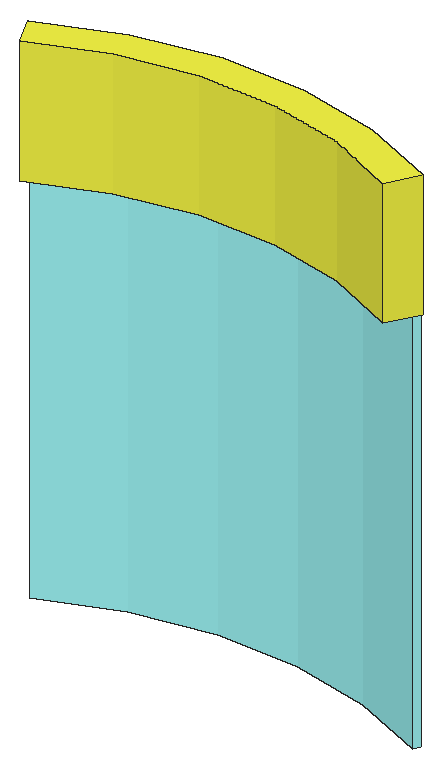
Revit family "EXP_WT-2_CPan-019", category Curtain Panels, Revit 2021
Family settings
  OmniClass Number = 23.25.20.14.11.11.17
  OmniClass Title = Infill Panels
  Always vertical = Yes
  Cut with Voids When Loaded = Yes
  Shared = No
Parameters (values of type "R = 10'  6" _ H2 = 9' 11 1/2"")
  UI-UnitNumber [instance] = "001"
  UI-Quadrant [instance] = "SE"
  UI-ProjectAbbreviation = "NEU"
  UI-ItemCategory = "PID"
  UI-FloorNumber [instance] = "03"
  PNT-WallType = "WT2"
  PNT-ProjectAbbreviation = "NEU"
  PNT-PanelType [instance] = "01"
  PNT-ItemCategory = "PNL"
  GlassSPH2(x2) [instance] = 0' - 2 3/16"
  GlassH2 [instance] = IG-1C(Glass)
  GlassH1 [instance] = IG-3C(Glass)
  Description = "Curve"
  Define Thermal Properties by = Schematic Type
  CellSp = 0' - 10 3/16"
  CellRayIN [instance] = CellRayEX - CellSp  # 9' - 7 13/16"
  CellRayEX = 10' - 6"
  CellLArch [instance] = 10' - 5.07198"
  CellH2 = 9' - 11 1/2"
  CellH1 [instance] = CellH - CellH2  # 3' - 1.98031"
  CellH [instance] = 13' - 1.48031"
  Analytic Construction = "<None>"
Types (5): name | CellRayIN | CellRayEX | CellLArch | CellH2 | CellH1
  R = 10'  6" _ H2 = 9' 11 1/2" | 9' - 7 13/16" | 10' - 6" | 10' - 5.07198" | 9' - 11 1/2" | 3' - 1.98031"
  R = 10'  6" _ H2 = 12' 1" | 9' - 7 13/16" | 10' - 6" | 10' - 5.07198" | 12' - 1" | 1' - 0.48031"
  R = 10'  6" _ H2 = 8' 2" | 9' - 7 13/16" | 10' - 6" | 10' - 5.07198" | 8' - 2" | 4' - 11.48031"
  R = 10'  6" _ H2 = 12' 8 3/4" | 9' - 7 13/16" | 10' - 6" | 10' - 5.07198" | 12' - 8 3/4" | 0' - 4.73031"
  R = 12'  5" _ H2 = 7'  10 3/4" | 11' - 6 13/16" | 12' - 5" | 10' - 3.50545" | 7' - 10 3/4" | 5' - 2.73031"
Reference planes (in)
  plane 1 "Center (Front/Back)": y = 0
  plane 2: z = 0
  plane 3 "Center (Left/Right)": x = 0
  plane 4 "Left": x = -60
  plane 5 "Right": x = 60
  plane 6 "Top": z = 157.48031
  plane 7: z = 119.5
Forms (in)
  Extrusion 1, solid, material "IG-1C(Glass)" <- "GlassH2", detail levels coarse+medium
    sketch origin (0, 0, 0) x (1, 0, 0) y (0, 1, 0)
      loop
        line (-60, 0) -> (-55.14881, -8.9583)
        arc (-55.14881, -8.9583) -> (0, 5.01539) -> (55.14881, -8.9583) r 115.8125
        line (55.14881, -8.9583) -> (60, 0)
        arc (60, 0) -> (0, 15.20289) -> (-60, 0) r 126
    from 0 to 119.5
  Extrusion 2, solid, material "IG-3C(Glass)" <- "GlassH1"
    sketch origin (0, 0, 0) x (1, 0, 0) y (0, 1, 0)
      loop
        arc (60, 0) -> (0, 15.20289) -> (-60, 0) r 126
        line (-60, 0) -> (-55.14881, -8.9583)
        arc (-55.14881, -8.9583) -> (0, 5.01539) -> (55.14881, -8.9583) r 115.8125
        line (55.14881, -8.9583) -> (60, 0)
    from 119.5 to 157.48031
Lines and regions (in)
  reference lines
    curve 1: line (60, 0, 0) -> (0, -110.79711, 0)
    curve 2: line (-60, 0, 0) -> (0, -110.79711, 0)
    curve 3: line (60, 0, 0) -> (36.45856, 12.74841, 0)
    curve 4: line (-60, 0, 0) -> (-34.38137, 13.87327, 0)
  model lines
    curve 5: arc (-60, 0, 0) -> (0, 15.20289, 0) -> (60, 0, 0) r 126
    curve 6: line (-60, 0, 0) -> (-55.14881, -8.9583, 0)
    curve 7: line (60, 0, 0) -> (55.14881, -8.9583, 0)
    curve 8: arc (55.14881, -8.9583, 0) -> (0, 5.01539, 0) -> (-55.14881, -8.9583, 0) r 115.8125
Text (in)
  text "Exterior" at (-92.59733, 55.75508, 0), in view "Ref. Level"
  text "Exterior" at (0, 90.18664, 173.49264), in view "Left"
  text "Exterior" at (0, 52.29083, 162.21847), in view "Right"
Dimensions and locks (in)
  equal spacing: plane 4 "Left", plane 3 "Center (Left/Right)", plane 5 "Right"
  "CellRayEX": curve 2 to curve 2
  "CellRayEX": curve 2 to curve 1
  "CellSp": curve 6 to curve 6
  "CellSp": curve 7 to curve 7
  "CellH": plane 2 to plane 6 "Top"
  "CellH2": plane 2 to plane 7
  "CellH1": plane 7 to plane 6 "Top"
  "CellRayEX": radius of curve 5
  locked: curve 2 to curve 4 (angle 90.00°)
  locked: curve 3 to curve 1 (angle 90.00°)
  "CellLArch": arc length of Extrusion 1  (x2)
  aligned and locked: level to plane 2
  aligned and locked: curve 6 to curve 2
  aligned and locked: curve 7 to curve 1
  aligned and locked: Extrusion 1 sketch curve to curve 5
  aligned and locked: Extrusion 1 sketch curve to curve 8
  aligned and locked: Extrusion 1 sketch curve to curve 7
  aligned and locked: Extrusion 1 sketch curve to curve 6
  aligned and locked: Extrusion 1 to level
  aligned and locked: plane 7 to Extrusion 1
  aligned and locked: Extrusion 2 sketch curve to Extrusion 1  (x4)
  aligned and locked: Extrusion 2 to plane 6 "Top"
  aligned and locked: Extrusion 2 to plane 7
  aligned and locked: plane 4 "Left" to nested 1
  aligned and locked: plane 5 "Right" to nested 1
  aligned and locked: plane 1 "Center (Front/Back)" to nested 1
  aligned and locked: plane 7 to nested 1
  aligned and locked: plane 2 to nested 1
Automatic sketch dimensions
  curve 5 to curve 8 = 0' - 0"
  plane 1 "Center (Front/Back)" to curve 5 = 0' - 0"
  curve 8 to plane 3 "Center (Left/Right)" = 0' - 0"
  plane 1 "Center (Front/Back)" to curve 4 = 0' - 0"
  curve 4 to plane 4 "Left" = 0' - 0"
  curve 2 to plane 3 "Center (Left/Right)" = 0' - 0"
  plane 1 "Center (Front/Back)" to curve 3 = 0' - 0"
Nested families (in)
  nested 1: "EXP_WT-1x_IG-010" at (0, 0, 59.75), GlassRayEX <- "CellRayEX", MaterialGlass <- "GlassH2", GlassSP <- "GlassSPH2(x2)", type "GlassSP = H2(x2)", detail levels fine
    with MaterialGlass IG-1C(Glass), GlassSP 0' - 2 3/16", GlassRayIN 10' - 3 13/16", GlassRayEX 10' - 6", GlassL 9' - 10.12598", GlassH 9' - 9.56299", CellL 10' - 0", CellH 9' - 11 1/2"
Definition of nested family "EXP_WT-1x_IG-010"
  Parameters (values of type "GlassSP = H3")
    MaterialGlass [instance] = none
    GlassSP [instance] = 0' - 1.25197"
    GlassRayIN [instance] = GlassRayEX - GlassSP  # 17' - 10.74803"
    GlassRayEX [instance] = 18' - 0"
    GlassL [instance] = CellL - (GlassD1 + GlassD3)  # 3' - 10.94488"
    GlassH [instance] = CellH - (GlassD2 + GlassD4)  # 6' - 6.64788"
    GlassD4 = 0' - 1.43701"
    GlassD3 = 0' - 0.93701"
    GlassD2 = 0' - 0 1/2"
    GlassD1 = 0' - 0.93701"
    GMPI-ProjectAbbreviation = "NEU"
    GMPI-IteamCategory = "GLS"
    Default Elevation = 0' - 0"
    CellL [instance] = 4' - 0.8189"
    CellH [instance] = 6' - 8.58489"
  Types (5): name | GlassH | GlassD4 | GlassD2
    GlassSP = H3 | 6' - 6.64788" | 0' - 1.43701" | 0' - 0 1/2"
    GlassSP = H2(x3) | 6' - 7.83292" | 0' - 0.25197" | 0' - 0 1/2"
    GlassSP = H2(x2) | 6' - 6.64788" | 0' - 1.43701" | 0' - 0 1/2"
    GlassSP = H1 | 6' - 6.89592" | 0' - 0.25197" | 0' - 1.43701"
    GlassSP = H | 6' - 5.71088" | 0' - 1.43701" | 0' - 1.43701"
  Reference planes (in)
    plane 1 "Center (Front/Back)": y = 0
    plane 2: z = 0
    plane 3 "Center (Left/Right)": x = 0
    plane 4: z = 40.29245
    plane 5: z = -40.29245
    plane 6: z = 39.79245
    plane 7: z = -38.85544
    plane 8: x = -24.40945
    plane 9: x = 24.40945
  Forms (in)
    Extrusion 1, solid, material <- "MaterialGlass"
      sketch origin (0, 0, 0) x (1, 0, 0) y (0, 1, 0)
        loop
          line (-23.47821, 0.10387) -> (-23.33673, -1.14009)
          arc (-23.33673, -1.14009) -> (0, 0.13168) -> (23.33673, -1.14009) r 214.74803
          line (23.33673, -1.14009) -> (23.47821, 0.10387)
          arc (23.47821, 0.10387) -> (0, 1.38365) -> (-23.47821, 0.10387) r 216
      from -38.85544 to 39.79245
  Lines and regions (in)
    reference lines
      curve 1: line (-24.40945, 0, 0) -> (0, -214.61635, 0)
      curve 2: line (0, -214.61635, 0) -> (24.40945, 0, 0)
      curve 4: line (-6.33555, -150.62035, 0) -> (18.07389, -365.2367, 0)
      curve 5: line (-18.07389, -365.2367, 0) -> (6.33555, -150.62035, 0)
    model lines, not visible
      curve 3: arc (-24.40945, 0, 0) -> (0, 1.38365, 0) -> (24.40945, 0, 0) r 216
  Dimensions and locks (in)
    equal spacing: plane 4, level, plane 5
    "CellH": plane 4 to plane 5
    "GlassD2": plane 4 to plane 6
    "GlassD4": plane 7 to plane 5
    equal spacing: plane 8, plane 3 "Center (Left/Right)", plane 9
    "GlassRayEX": curve 2 to curve 2
    "GlassRayEX": curve 1 to curve 1
    "GlassD1": curve 1 to curve 4
    "GlassD3": curve 2 to curve 5
    "CellL": plane 8 to plane 9
    "GlassRayEX": radius of curve 3
    "GlassRayIN": radius of Extrusion 1 sketch curve
    aligned and locked: level to plane 2
    aligned and locked: Extrusion 1 sketch curve to curve 3
    aligned and locked: Extrusion 1 sketch curve to curve 4
    aligned and locked: curve 5 to Extrusion 1 sketch curve
    aligned and locked: plane 6 to Extrusion 1
    aligned and locked: Extrusion 1 to plane 7
  Automatic sketch dimensions
    plane 1 "Center (Front/Back)" to curve 3 = 0' - 0"  (x2)
    curve 3 to plane 8 = 0' - 0"
    curve 3 to plane 3 "Center (Left/Right)" = 0' - 0"
    plane 1 "Center (Front/Back)" to curve 1 = 0' - 0"
    curve 1 to plane 8 = 0' - 0"
    curve 2 to plane 3 "Center (Left/Right)" = 0' - 0"
    plane 1 "Center (Front/Back)" to curve 2 = 0' - 0"
    curve 5 to plane 8 = 0' - 6.33555"
    curve 4 to plane 3 "Center (Left/Right)" = 0' - 6.33555"
    plane 3 "Center (Left/Right)" to curve 5 = 0' - 6.33555"
    plane 9 to curve 4 = 0' - 6.33555"
    Extrusion 1 sketch curve to Extrusion 1 sketch curve = 0' - 0"  (x2)
